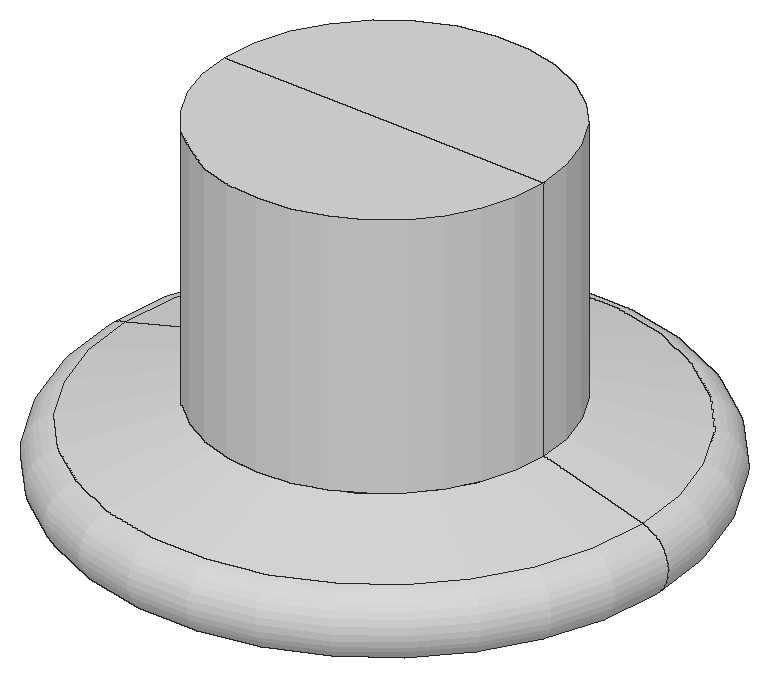
Revit family "Displays_Track_ASHanging_Contempo-Spacer", category Generic Models, Revit 2026
Family settings
  Can host rebar = No
  Round Connector Dimension = Use Diameter
  Part Type = Normal
  Classification Number = 23.40.90.11
  Work Plane-Based = Yes
  Always vertical = No
  Cut with Voids When Loaded = No
  Maintain Annotation Orientation = No
  Shared = No
  Room Calculation Point = No
Parameters (values of type "Silver Satin")
  URL = "https://www.ashanging.com/"
  Specification = "http://www.arcat.com/sd/clients/ashangin.html?coid=45308"
  Sales Information = "https://www.ashanging.com/en/contacts/"
  Revision = "R1_2017"
  Product Properties = "https://www.ashanging.com/en/contempo-system/"
  Product Data = "http://www.arcat.com/arcatcos/cos45/arc45245.html"
  Model = "Contempo Wall Track Spacer"
  Manufacturer Website = "https://www.ashanging.com/"
  Manufacturer Phone - Toll Free = "866-935-7012"
  Manufacturer Phone = ""
  Manufacturer Fax = ""
  Manufacturer Address = "8396 State Route 9, West Chazy, NY 12992"
  Manufacturer = "AS Hanging"
  Keynote = "10 14 00"
  Installation-Fabrication = "https://www.ashanging.com/en/support-documents/"
  Finish = Silver Satin
  Drawn By = "Sumex Design, Robert S. Weygant"
  Description = "AS Hanging Contempo Wall Track Spacer"
  Default Elevation = 4' - 0"
  Copyright = "2017 ARCAT, Inc"
  Construction Details = ""
  Assembly Code = "C1030500"
Types (4): name | Specification | Manufacturer Phone - Toll Free | Finish
  Natural | "http://www.arcat.com/sd/clients/ashangin.html?coid=45310" | "866-935-7014" | Natural
  Champagne | "http://www.arcat.com/sd/clients/ashangin.html?coid=45311" | "866-935-7015" | Champagne
  Black | "http://www.arcat.com/sd/clients/ashangin.html?coid=45309" | "866-935-7013" | Black
  Silver Satin | "http://www.arcat.com/sd/clients/ashangin.html?coid=45308" | "866-935-7012" | Silver Satin
Reference planes (in)
  plane 1 "Center (Front/Back)": y = 0
  plane 2: z = 0
  plane 3 "Center (Left/Right)": x = 0
Forms (in)
  Revolve 1, solid, material "Silver Satin" <- "Finish"
    sketch origin (0, 0, 0) x (1, 0, 0) y (0, 0, 1)
      loop
        line (0, 0) -> (0, 0.394) -> (-0.1875, 0.394) -> (-0.1875, 0.10641) -> (-0.30301, 0.07546)
        arc (-0.30301, 0.07546) -> (-0.33396, 0.03457) -> (-0.29608, 0) r 0.03805
        line (-0.29608, 0) -> (0, 0)
      axis (0, 0.394) -> (0, 0)
    angle from 0 to 360
Dimensions and locks (in)
  Revolve 1 sketch curve to Revolve 1 sketch curve = 0' - 0.394"
  aligned and locked: plane 2 to level
  aligned and locked: level to Revolve 1 sketch curve
